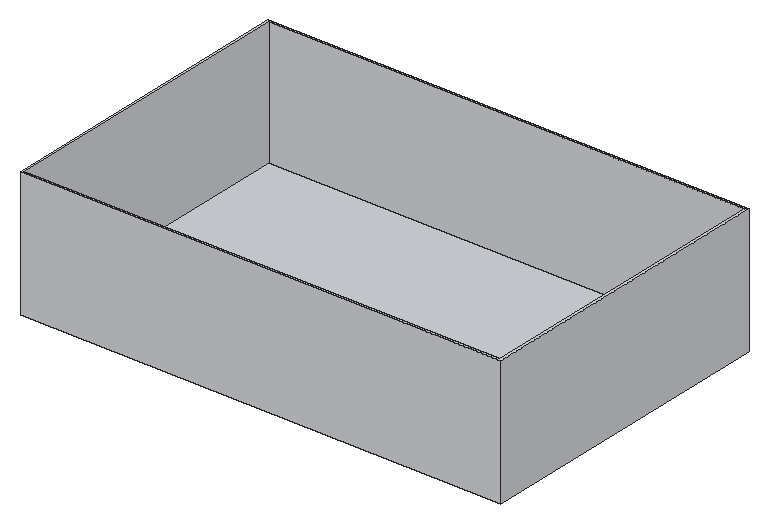
Revit family "Hager-Type B SP&N Distribution Boards-Surface_mounted-IP2XC-Without_Cover-Without_DIN-Hosted-GB-en", category Electrical Equipment, host Face, Revit 2023
Family settings
  Host = Face
  Panel Configuration = Two Columns, Circuits Across
  Round Connector Dimension = Use Diameter
  Part Type = Panelboard
  Cut with Voids When Loaded = No
  Maintain Annotation Orientation = Yes
  Shared = No
  Room Calculation Point = No
Parameters (values of type "Type B SP&N Distribution Boards-Surface_mounted_W465_H300_D124_0_Modular_Spacing-JK201SE")
  Width Control [instance] = if([HG000006-Flush mounted], if([EF000846 - Recess width] > min_whd, [EF000846 - Recess width], min_whd), if([EF000008 - Width] > min_whd, ([EF000008 - Width]), min_whd))  # 465 mm
  Void Depth [instance] = if([HG000006-Flush mounted], Depth Control, 1 mm)  # 1 mm
  Uniformat code = "D501001"
  Uniformat = "Low Tension Service & Dist."
  HG000131 - Functional label [instance] = ""
  HG000130 - Functional name [instance] = ""
  HG000099-Onfly Template ID = "507532"
  Type Comments = ""
  System Height [instance] = Height Control - 2 * [HG000005-Thickness]  # 446 mm
  Reference description = ""
  Reference = "Type B SP&N Distribution Boards-Surface_mounted_W465_H300_D124_0_Modular_Spacing-JK201SE"
  Object type = ""
  Name hager = "ADD_Enclosures_EC000214"
  Name BIM&CO = "Electricity"
  Name = "Type B SP&N Distribution Boards-Surface_mounted-IP2XC-Without_Cover-Without_DIN-GB"
  Model = ""
  HGEF002950-Width in number of modular spacings = 0
  HGEF000266-Number of rows = 0
  HG000060-RAL-number = "7035"
  HG000059-Operating voltage [instance] = 230 V
  HG000017-Distance between poles = 18 mm
  HG000016-Door 3D visibility = yes
  HG000015-Clearance visibility = yes
  HG000014-Door on the right = yes
  HG000013-Door on the left = not([HG000014-Door on the right])  # no
  HG000012-Door swing angle = 90.00°
  HG000011-Empty rows from bottom = no
  HG000010-Asymmetric doors = no
  HG000009-Double swing door = no
  HG000008-Number of empty rows = 0
  HG000007-Number of empty columns = 0
  HG000006-Flush mounted = no
  HG000005-Thickness = 2 mm
  HG000004-Manufacturer reference = "JK201SE"
  HG000003-Range = "Type B SP&N Distribution Boards"
  HG000002-With door or cover = no
  HG000001-Number of columns = 0
  GTIN (Global Trade Item Number) = ""
  ETIM class name = "Small distribution board"
  ETIM class code = "EC000214"
  EF015941 - Signal passing door = no
  EF015777 - Neutral terminal block = yes
  EF015776 - Earthing terminal block = yes
  EF009212 - Cover model = ""
  EF006306 - With lock = no
  EF006244 - Transparent cover/door = no
  EF005474 - Degree of protection (IP rating) = "IP2XC"
  EF004464 - Type of door = ""
  EF004462 - Type of closure = ""
  EF002950 - Width in number of modular spacings = 0
  EF001596 - Housing material = ""
  EF001134 - With DIN-rail = no
  EF001131 - Internal depth = 0 mm
  EF001088 - Extension possible = no
  EF001062 - EMC-version = no
  EF000846 - Recess width = 0 mm
  EF000339 - Type of covering = ""
  EF000332 - Recess height = 0 mm
  EF000266 - Number of rows = 0
  EF000218 - Recess depth = 0 mm
  EF000118 - With mounting plate = no
  EF000116 - RAL number = 7035
  EF000049 - Depth = 124 mm
  EF000040 - Height = 300 mm
  EF000024 - UV resistant = no
  EF000008 - Width = 465 mm
  EF000007 - Colour = ""
  EF000003 - Mounting method = "Surface mounted"
  Creation Date = "12/17/2025 20:13:24"
  Code hager = "ADD-EC000214_EU"
  BIM&CO code = ""
  BC_VARIANT_ID = "1178541"
  BC_OBJECT_VERSION = "#1"  # constant formula
  BC_OBJECT_ID = "513818"  # constant formula
  BC_MODEL_ID = "1554193"  # constant formula
  Arrow Offset [instance] = Depth Control / 8  # 18.75 mm
  Arrow Height [instance] = Depth Control - Arrow Offset  # 131.25 mm
  Host Offset [instance] = if([HG000006-Flush mounted], 0 mm, [EF000049 - Depth])  # 124 mm
  min_whd [instance] = (2 * [HG000005-Thickness]) + 1 mm  # 5 mm
  Manufacturer = "Hager"  # constant formula
  Height Control [instance] = if([HG000006-Flush mounted], if([EF000332 - Recess height] > min_whd, [EF000332 - Recess height], min_whd), if([EF000040 - Height] > min_whd, ([EF000040 - Height]), min_whd))  # 300 mm
  Flush Mounted - Door Frame Width [instance] = if(([EF000040 - Height] - [EF000332 - Recess height]) > 0 mm, if([HG000006-Flush mounted], [EF000040 - Height] - [EF000332 - Recess height], 0 mm), 0 mm)  # 0 mm
  Depth Control [instance] = if([HG000006-Flush mounted], if([EF000218 - Recess depth] > 0 mm, [EF000218 - Recess depth], 1 mm), if([EF000049 - Depth] > 0 mm, ([EF000049 - Depth]), 1 mm))  # 124 mm
  Default Elevation = 0 mm
Types (2, lengths in mm): name | Reference | HG000004-Manufacturer reference | EF015777 - Neutral terminal block | EF000040 - Height | BC_VARIANT_ID | Height Control
  Type B SP&N Distribution Boards-Surface_mounted_W465_H300_D124_0_Modular_Spacing-JK201SE | "Type B SP&N Distribution Boards-Surface_mounted_W465_H300_D124_0_Modular_Spacing-JK201SE" | "JK201SE" | yes | 300 | "1178541" | 300
  Type B SP&N Distribution Boards-Surface_mounted_W465_H450_D124_0_Modular_Spacing-JK202LE | "Type B SP&N Distribution Boards-Surface_mounted_W465_H450_D124_0_Modular_Spacing-JK202LE" | "JK202LE" | no | 450 | "1178542" | 450
Reference planes
  plane 1 "Center (Front/Back)": y = 0
  plane 2: z = 0
  plane 3 "Center (Left/Right)": x = 0
  plane 4: z = 124
  plane 5: y = 2
  plane 6: z = 119
  plane 7: y = 150
  plane 8: y = 0
  plane 9: y = 300
  plane 10: z = 0
  plane 11: x = -232.5
  plane 12: x = 232.5
  plane 13: x = 230.5
  plane 14: x = -230.5
  plane 15: y = 298
  plane 16: z = 2
  plane 17: z = 122
  plane 18: z = -1
  plane 19: z = 122
  plane 20 "Annotation H": y = -100
  plane 21 "Annotation V": x = 532.5
Forms (mm)
  Extrusion 1, solid
    sketch origin (-583.045, 0, 1219.2) x (-1, 0, 0) y (0, 0, 1)
      loop
        line (-350.545, -1095.2) -> (-815.545, -1095.2) -> (-815.545, -1219.2) -> (-350.545, -1219.2) -> (-350.545, -1095.2)
    from 0 to 300 <- "Height Control"
  Extrusion 2, void
    sketch origin (-381.607, -4572, 124) x (0, -1, 0) y (-1, 0, 0)
      loop
        line (-4870, -151.107) -> (-4870, -612.107) -> (-4574, -612.107) -> (-4574, -151.107) -> (-4870, -151.107)
    from 0 to 122
  Extrusion 3, void
    sketch origin (0, 0, 0) x (1, 0, 0) y (0, 1, 0)
      loop
        line (-232.5, 0) -> (232.5, 0) -> (232.5, 300) -> (-232.5, 300) -> (-232.5, 0)
    from -1 to 1
  Extrusion 4, solid, detail levels coarse+medium
    sketch origin (-381.607, -4572, 124) x (-1, 0, 0) y (0, -1, 0)
      loop
        line (-151.107, -4870) -> (-151.107, -4574) -> (-612.107, -4574) -> (-612.107, -4870) -> (-151.107, -4870)
    from 0 to -2
Cuts and joins
  Extrusion 2 cuts Extrusion 1
Dimensions and locks
  plane 4 to plane 6 = 5 mm
  "Host Offset": plane 4 to host face
  "Flush Mounted - Door Frame Width": plane 1 "Center (Front/Back)" to plane 8
  "HG000005-Thickness": plane 5 to plane 8
  locked: connector elem to plane 3 "Center (Left/Right)"
  "Height Control": plane 9 to plane 8
  equal spacing: plane 9, plane 7, plane 8
  locked: connector elem to plane 7
  "Depth Control": plane 4 to plane 10
  "HG000005-Thickness": plane 11 to plane 14
  "HG000005-Thickness": plane 12 to plane 13
  equal spacing: plane 11, plane 3 "Center (Left/Right)", plane 12
  "Width Control": plane 11 to plane 12
  "Arrow Offset": nested 4 to plane 10
  "HG000005-Thickness": plane 9 to plane 15
  "HG000005-Thickness": plane 16 to plane 10
  "HG000005-Thickness": plane 4 to plane 17
  "Void Depth": plane 2 to plane 18
  "HG000005-Thickness": plane 4 to plane 19
  locked: plane 20 "Annotation H" to plane 1 "Center (Front/Back)" at 100
  locked: plane 12 to plane 21 "Annotation V" at 300
  aligned and locked: plane 2 to host face
  aligned and locked: level to host face
  aligned and locked: plane 3 "Center (Left/Right)" to nested 2
  aligned and locked: plane 4 to nested 2
  aligned and locked: nested 2 to plane 8
  aligned and locked: nested 1 to plane 6
  aligned and locked: nested 1 to plane 5
  aligned and locked: nested 4 to plane 11
  aligned and locked: nested 3 to plane 4
  aligned and locked: Extrusion 1 sketch curve to plane 12
  aligned and locked: Extrusion 1 sketch curve to plane 11
  aligned and locked: nested 3 to plane 10
  aligned and locked: plane 10 to Extrusion 1 sketch curve
  aligned and locked: Extrusion 2 sketch curve to plane 5
  aligned and locked: Extrusion 2 sketch curve to plane 15
  aligned and locked: Extrusion 2 sketch curve to plane 14
  aligned and locked: Extrusion 2 sketch curve to plane 13
  aligned and locked: plane 11 to Extrusion 3 sketch curve
  aligned and locked: plane 9 to Extrusion 3 sketch curve
  aligned and locked: Extrusion 3 sketch curve to plane 8
  aligned and locked: plane 12 to Extrusion 3 sketch curve
  aligned and locked: nested 3 to plane 12
  aligned and locked: Extrusion 3 to plane 18
  aligned and locked: Extrusion 2 to plane 16
  aligned and locked: Extrusion 1 sketch curve to plane 4
  aligned and locked: Extrusion 4 to plane 17
  aligned and locked: Extrusion 4 sketch curve to plane 15
  aligned and locked: Extrusion 4 sketch curve to plane 13
  aligned and locked: Extrusion 4 sketch curve to plane 14
  aligned and locked: Extrusion 4 sketch curve to plane 5
  aligned and locked: nested 5 to plane 21 "Annotation V"
  aligned and locked: plane 20 "Annotation H" to nested 5
Automatic sketch dimensions
  host sketch curve to host sketch curve = 1469.727 mm
  host sketch curve to host sketch curve = 1434.803 mm
Nested families
  nested 1: "Hager_Enclosure_System" at (0, 2, 119) x (1, 0, 0) z (0, 1, 0), Depth <- "HG000005-Thickness", Height <- "System Height", Border <- "HG000005-Thickness", Flush_Mounted <- "HG000006-Flush mounted", Row_Module_Multiplicator <- "HGEF002950-Width in number of modular spacings", Total_No_Empty_Rows <- "HG000008-Number of empty rows", Total_No_Rows <- "HGEF000266-Number of rows", Empty_Columns <- "HG000007-Number of empty columns", Width_Control <- "Width Control", Empty_Rows_From_Bottom <- "HG000011-Empty rows from bottom", Distance_Between_Poles <- "HG000017-Distance between poles", Rows_Count <- "HGEF000266-Number of rows", Columns_Count <- "HG000001-Number of columns", Built-in_Width <- "EF000846 - Recess width", Width <- "EF000008 - Width", type "Hager_Enclosure_System", detail levels fine
    with Width_Control 465 mm, Width 465 mm, Total_No_Rows 0, Total_No_Empty_Rows 0, Total_No_Columns 1, System_Width 461 mm, Rows_Count 0, Rows_Column 0, Row_Module_Multiplicator 0, Panel_4 no, Panel_3 no, Panel_2 no, Panel_1 no, No_Panels_Ctrl 1, Hide_Columns yes, Height 446 mm, Flush_Mounted no, Empty_Rows_From_Bottom no, Empty_Rows_Column 0, Empty_Columns 0, Empty column 4 0, Empty column 3 0, Empty column 2 0, Empty column 1 0, Distance_Between_Poles 18 mm, Depth 2 mm, Columns_Count 0, Column_Width 461 mm, Built-in_Width 0 mm, Border 2 mm
  nested 2: "Hager_Enclosure_Door" at (0, 0, 124) x (1, 0, 0) z (0, 1, 0), Border <- "HG000005-Thickness", Door_Right <- "HG000014-Door on the right", Flush_Mounted <- "HG000006-Flush mounted", Door_Left <- "HG000013-Door on the left", 3d_Door <- "HG000016-Door 3D visibility", Angle <- "HG000012-Door swing angle", Assymetrical <- "HG000010-Asymmetric doors", Double <- "HG000009-Double swing door", Clearance <- "HG000015-Clearance visibility", Door <- "HG000002-With door or cover", Height_Ctrl <- "Height Control", Width_Ctrl <- "Width Control", BuiltIn_Depth <- "EF000218 - Recess depth", Depth <- "EF000049 - Depth", BuiltIn_Width <- "EF000846 - Recess width", Height <- "EF000040 - Height", BuiltIn_Height <- "EF000332 - Recess height", Width <- "EF000008 - Width", Transparent <- "EF006244 - Transparent cover/door", type "Hager_Enclosure_Door", detail levels medium+fine
    with min_wh 5 mm, Width_Ctrl 465 mm, Width 465 mm, Transparent_Door_No_Bottom_Border no, Transparent no, Leaf_Width 458 mm, Leaf_Tolerance 1.5 mm, Leaf_Height 293 mm, Leaf_2_Width 458 mm, Leaf_2_Offset 229 mm, Leaf_1_Width 458 mm, Leaf_1_Offset 229 mm, Height_Ctrl 300 mm, Height 300 mm, Frame_Width_Ctrl 465 mm, Frame_Width 465 mm, Frame_Internal_Offset 0 mm, Frame_Height_Ctrl 300 mm, Frame_Height 300 mm, Frame_Depth_Ctrl 1 mm, Frame_Depth 0 mm, Flush_Mounted no, Double_Clearance_Ctrl no, Double no, Door_Right_Ctrl no, Door_Right yes, Door_Left_Ctrl no, Door_Left no, Door no, Depth 124 mm, Clearance_Depth 458 mm, Clearance_Ctrl yes, Clearance yes, BuiltIn_Width 0 mm, BuiltIn_Height 0 mm, BuiltIn_Depth 0 mm, Border 2 mm, Assymetrical no, Angle 90.00°, 3d_Door yes
  nested 3: "Hager_Enclosure_Symbol_Triangle" at (-232.5, 0, 0) x (1, 0, 0) z (0, -1, 0), Depth <- "Depth Control", Width <- "Width Control", type "Hager_Enclosure_Symbol_Triangle"
    with Width_Ctrl 465 mm, Width 465 mm, Depth_Ctrl 124 mm, Depth 124 mm
  nested 4: "Hager_Enclosure_Symbol_Arrow" at (-232.5, 0, 18.75) x (1, 0, 0) z (0, -1, 0), Height <- "Arrow Height", type "Hager_Enclosure_Symbol_Arrow"
    with Width_Inside 9.844 mm, Width 118.125 mm, Height_Ctrl 131.25 mm, Height 131.25 mm
  nested 5: "Hager_Annotation-HG000130" at (532.5, -100, 0) x (-1, 0, 0) z (0, 0, 1), HG000130 - Functional name <- "HG000130 - Functional name", type "Hager_Annotation-HG000130"
    with HG000130 - Functional name ""
Connectors
  electrical at (0, 150, 0)
    settings: on plane 10, index 1, voltage 0 V, apparent load 0 VA, apparent load phase1 0 VA, apparent load phase2 0 VA, apparent load phase3 0 VA, power factor 1, load classification "Other", number of poles 1, system type 30, power factor state 1, is connector primary yes, connector utility no, sub classification motor no, connector description ""
Definition of nested family "Hager_Enclosure_Door"
  Parameters (values of type "Hager_Enclosure_Door")
    min_wh [instance] = (2 * Border) + 1 mm  # 11 mm
    Width_Ctrl [instance] = 400 mm
    Width [instance] = 500 mm
    Transparent_Door_No_Bottom_Border [instance] = no
    Transparent [instance] = yes
    Leaf_Width [instance] = if((Width_Ctrl - 2 * Border - 2 * Leaf_Tolerance) > 0 mm, (Width_Ctrl - 2 * Border - 2 * Leaf_Tolerance), min_wh)  # 387 mm
    Leaf_Tolerance [instance] = 1.5 mm  # constant formula
    Leaf_Height [instance] = if((Height_Ctrl - 2 * Border - 2 * Leaf_Tolerance) > 0 mm, (Height_Ctrl - 2 * Border - 2 * Leaf_Tolerance), min_wh)  # 387 mm
    Leaf_2_Width [instance] = if(and(and(Double, Assymetrical), Door_Left), (Leaf_Width / 3) - (Leaf_Tolerance / 2), if(and(and(Double, Assymetrical), Door_Right), (Leaf_Width / 3) * 2 - (Leaf_Tolerance / 2), if(and(Double, not(Assymetrical)), (Leaf_Width / 2) - Leaf_Tolerance, Leaf_Width)))  # 387 mm
    Leaf_2_Offset [instance] = if(and(Double, Assymetrical), Leaf_2_Width / 2, if(and(Double, not(Assymetrical)), Leaf_Width / 4, Leaf_Width / 2))  # 193.5 mm
    Leaf_1_Width [instance] = if(and(and(Double, Assymetrical), Door_Right), (Leaf_Width / 3) - (Leaf_Tolerance / 2), if(and(and(Double, Assymetrical), Door_Left), (Width / 3) * 2 - (Leaf_Tolerance / 2), if(and(Double, not(Assymetrical)), (Leaf_Width / 2) - Leaf_Tolerance, Leaf_Width)))  # 387 mm
    Leaf_1_Offset [instance] = if(and(Double, Assymetrical), Leaf_1_Width / 2, if(and(Double, not(Assymetrical)), Leaf_Width / 4, Leaf_Width / 2))  # 193.5 mm
    Height_Ctrl [instance] = 400 mm
    Height [instance] = 500 mm
    Frame_Width_Ctrl [instance] = if(Frame_Width > 0 mm, Frame_Width, 1 mm)  # 1 mm
    Frame_Width [instance] = Width - BuiltIn_Width  # 0 mm
    Frame_Internal_Offset [instance] = if(Flush_Mounted, Border, 0 mm)  # 5 mm
    Frame_Height_Ctrl [instance] = if(Frame_Height > 0 mm, Frame_Height, 1 mm)  # 1 mm
    Frame_Height [instance] = Height - BuiltIn_Height  # 0 mm
    Frame_Depth_Ctrl [instance] = if(Frame_Depth > 0 mm, Frame_Depth, 1 mm)  # 1 mm
    Frame_Depth [instance] = if(Depth - BuiltIn_Depth > 0 mm, if(Flush_Mounted, Depth - BuiltIn_Depth, 0 mm), 0 mm)  # 0 mm
    Flush_Mounted [instance] = yes
    Double_Clearance_Ctrl [instance] = and(Double, Clearance)  # no
    Double [instance] = no
    Door_Right_Ctrl [instance] = and(or(Door_Right, Double), Door)  # yes
    Door_Right [instance] = yes
    Door_Left_Ctrl [instance] = and(or(Door_Left, Double), Door)  # no
    Door_Left [instance] = no
    Door [instance] = yes
    Depth [instance] = 500 mm
    Default Elevation = 1219.2 mm
    Clearance_Material = none
    Clearance_Depth [instance] = if(Leaf_1_Width > Leaf_2_Width, Leaf_1_Width, Leaf_2_Width)  # 387 mm
    Clearance_Ctrl [instance] = and(not(Double), Clearance)  # yes
    Clearance [instance] = yes
    BuiltIn_Width [instance] = 500 mm
    BuiltIn_Height [instance] = 500 mm
    BuiltIn_Depth [instance] = 500 mm
    Border [instance] = 5 mm
    Assymetrical [instance] = yes
    Angle [instance] = 30.00°
    3d_Door [instance] = yes
  Reference planes
    plane 1 "Center (Front/Back)": y = 0
    plane 2 "Bottom": z = 0
    plane 3 "Center (Left/Right)": x = 0
    plane 4: z = 400
    plane 5: x = -200
    plane 6: x = 200
    plane 7: z = 395
    plane 8: x = -195
    plane 9: z = 5
    plane 10: x = 195
    plane 11: y = 0
    plane 12: z = 6.5
    plane 13: x = -582
    plane 14: y = -387
    plane 15: x = 582
    plane 16: x = 0
    plane 17: x = 0
    plane 18: x = -193.5
    plane 19: x = 193.5
    plane 20: z = 393.5
  Forms (mm)
    Extrusion 1, solid, visible <- "Flush_Mounted"
      sketch origin (0, 0, 0) x (1, 0, 0) y (0, 0, 1)
        loop
          line (195, 5) -> (195, 395) -> (-195, 395) -> (-195, 5) -> (195, 5)
        loop
          line (-201, 401) -> (-201, -1) -> (201, -1) -> (201, 401) -> (-201, 401)
      from 0 to 1 <- "Frame_Depth_Ctrl"
    Extrusion 2, solid, material <- "Clearance_Material", visible <- "Double_Clearance_Ctrl"
      sketch origin (1200, 0, 0) x (1, 0, 0) y (0, 0, -1)
        loop
          line (-1782, -393.5) -> (-618, -393.5) -> (-618, 0) -> (-1782, 0) -> (-1782, -393.5)
      from 0 to -387
  Dimensions and locks
    equal spacing: plane 5, plane 3 "Center (Left/Right)", plane 6
    "Width_Ctrl": plane 5 to plane 6
    "Border": plane 5 to plane 8
    "Border": plane 6 to plane 10
    "Border": plane 9 to level
    "Border": plane 4 to plane 7
    "Height_Ctrl": plane 4 to level
    "Leaf_Tolerance": plane 12 to plane 9
    "Frame_Depth": plane 11 to plane 1 "Center (Front/Back)"
    "Frame_Width_Ctrl": plane 5 to Extrusion 1 sketch curve
    "Frame_Width_Ctrl": plane 6 to Extrusion 1 sketch curve
    "Frame_Width_Ctrl": Extrusion 1 sketch curve to plane 4
    "Frame_Width_Ctrl": plane 2 "Bottom" to Extrusion 1 sketch curve
    "Leaf_1_Offset": plane 18 to plane 16
    "Leaf_2_Offset": plane 17 to plane 19
    "Leaf_1_Width": plane 13 to plane 8
    "Leaf_2_Width": plane 10 to plane 15
    "Clearance_Depth": plane 14 to plane 1 "Center (Front/Back)"
    "Leaf_Tolerance": plane 8 to plane 18
    "Leaf_Tolerance": plane 19 to plane 10
    "Leaf_Tolerance": plane 7 to plane 20
    "Frame_Internal_Offset": plane 5 to Extrusion 1 sketch curve
    "Frame_Internal_Offset": Extrusion 1 sketch curve to plane 2 "Bottom"
    "Frame_Internal_Offset": plane 6 to Extrusion 1 sketch curve
    "Frame_Internal_Offset": plane 4 to Extrusion 1 sketch curve
    aligned and locked: level to plane 2 "Bottom"
    aligned and locked: nested 1 to plane 16
    aligned and locked: nested 2 to plane 17
    aligned and locked: Extrusion 2 to plane 13
    aligned and locked: plane 15 to Extrusion 2
    aligned and locked: Extrusion 2 to plane 14
    aligned and locked: plane 12 to nested 1
    aligned and locked: nested 2 to plane 12
    aligned and locked: Extrusion 2 to plane 11
    aligned and locked: plane 20 to Extrusion 2
    aligned and locked: nested 2 to plane 11
    aligned and locked: nested 1 to plane 11
  Automatic sketch dimensions
    Extrusion 2 sketch curve to level = 0 mm
    plane 5 to Extrusion 2 sketch curve = 382 mm
    plane 6 to Extrusion 2 sketch curve = 382 mm
    Extrusion 2 sketch curve to plane 4 = 6.5 mm
  Nested families
    nested 1: "Hager_Enclosure_Door_Leaf" at (0, 0, 6.5), Width <- "Leaf_1_Width", visible <- "Door_Left_Ctrl", Leaf_Height <- "Leaf_Height", Angle <- "Angle", Depth <- "Border", 3d_Door <- "3d_Door", Transparent <- "Transparent", Clearance Material <- "Clearance_Material", Clearance <- "Clearance_Ctrl", Transparent_Door_No_Bottom_Border <- "Transparent_Door_No_Bottom_Border", type "Hager_Enclosure_Door_Leaf"
      with Width 387 mm, Transparent_Door_No_Bottom_Border no, Transparent_Door_Border_Bottom_Top 25 mm, Transparent_Door_Border 25 mm, Transparent_Ctrl yes, Transparent yes, Standard no, Leaf_Height 387 mm, Glass_Offset 1 mm, Depth 5 mm, Clearance Material none, Clearance yes, Angle_Ctrl 30.00°, Angle 30.00°, 3d_Door yes
    nested 2: "Hager_Enclosure_Door_Leaf" at (0, 0, 6.5) x (-1, 0, 0) z (0, 0, 1), Width <- "Leaf_2_Width", visible <- "Door_Right_Ctrl", Leaf_Height <- "Leaf_Height", Angle <- "Angle", Depth <- "Border", 3d_Door <- "3d_Door", Transparent <- "Transparent", Clearance Material <- "Clearance_Material", Clearance <- "Clearance_Ctrl", Transparent_Door_No_Bottom_Border <- "Transparent_Door_No_Bottom_Border", type "Hager_Enclosure_Door_Leaf"
      with Width 387 mm, Transparent_Door_No_Bottom_Border no, Transparent_Door_Border_Bottom_Top 25 mm, Transparent_Door_Border 25 mm, Transparent_Ctrl yes, Transparent yes, Standard no, Leaf_Height 387 mm, Glass_Offset 1 mm, Depth 5 mm, Clearance Material none, Clearance yes, Angle_Ctrl 30.00°, Angle 30.00°, 3d_Door yes
  Definition of nested family "Hager_Enclosure_Door_Leaf"
    Parameters (values of type "Hager_Enclosure_Door_Leaf")
      Width [instance] = 2000 mm
      Transparent_Door_No_Bottom_Border [instance] = yes
      Transparent_Door_Border_Bottom_Top [instance] = if(Transparent_Door_No_Bottom_Border, 0.1 mm, Transparent_Door_Border)  # 0.1 mm
      Transparent_Door_Border [instance] = if(Transparent_Door_No_Bottom_Border, (Width * 0.12), 25 mm)  # 240 mm
      Transparent_Ctrl [instance] = and(Transparent, [3d_Door])  # yes
      Transparent [instance] = yes
      Standard [instance] = and(not(Transparent), [3d_Door])  # no
      Leaf_Height [instance] = 2720.336 mm
      Glass_Offset [instance] = if((Depth - 10 mm) / 2 > 0 mm, (Depth - 10 mm) / 2, 1 mm)  # 15 mm
      Glass_Material = none
      Depth [instance] = 40 mm
      Default Elevation = 0 mm
      Clearance Material [instance] = none
      Clearance [instance] = yes
      Angle_Ctrl [instance] = if(Angle > 170.00°, 170.00°, Angle)  # 45.00°
      Angle [instance] = 45.00°
      3d_Door [instance] = yes
    Reference planes
      plane 1 "Center (Front/Back)": y = 0
      plane 2: z = 0
      plane 3 "Center (Left/Right)": x = 0
      plane 4: y = 2000
      plane 5: x = -1000
      plane 6: x = 1000
      plane 7: x = -3000
      plane 8: z = 2720.336
      plane 9: z = 0.1
      plane 10: z = 2720.236
      plane 11: x = 760
      plane 12: x = -760
    Forms (mm)
      Extrusion 1, solid, material <- "Clearance Material", visible <- "Clearance"
        sketch origin (0, 0, 0) x (1, 0, 0) y (0, 0, 1)
          loop
            line (-3000, 2720.336) -> (-3000, 0) -> (1000, 0) -> (1000, 2720.336) -> (-3000, 2720.336)
        from 0 to -2000
      Extrusion 2, solid, visible <- "Standard", detail levels medium+fine
        sketch origin (-1000, 0, 0) x (0.707107, 0.707107, 0) y (-0.707107, 0.707107, 0)
          loop
            line (0, -40) -> (2000, -40) -> (2000, 0) -> (0, 0) -> (0, -40)
        from 0 to 2720.336 <- "Leaf_Height"
      Extrusion 3, solid, visible <- "Transparent_Ctrl", detail levels medium+fine
        sketch origin (-1000, 0, 0) x (0.707107, 0.707107, 0) y (-0.707107, 0.707107, 0)
          loop
            line (0, -40) -> (2000, -40) -> (2000, 0) -> (0, 0) -> (0, -40)
        from 0 to 2720.336 <- "Leaf_Height"
      Extrusion 4, void, detail levels medium+fine
        sketch origin (-1000, 0, 0) x (-0.707107, 0.707107, 0) y (0.707107, 0.707107, 0)
          loop
            line (0, 240) -> (0, 1760) -> (-40, 1760) -> (-40, 240) -> (0, 240)
        from -2720.236 to -0.1
      Extrusion 5, solid, material <- "Glass_Material", visible <- "Transparent_Ctrl", detail levels medium+fine
        sketch origin (-1000, 0, 0) x (0.707107, 0.707107, 0) y (-0.707107, 0.707107, 0)
          loop
            line (240, -15) -> (240, -25) -> (1760, -25) -> (1760, -15) -> (240, -15)
        from 0.1 to 2720.236
    Cuts and joins
      Extrusion 4 cuts Extrusion 3
    Lines and regions (mm)
      symbolic lines
        curve 1: line (1000, 0, 0) -> (-3000, 0, 0)
        curve 2: arc (1000, 0, 0) -> (-1000, 2000, 0) -> (-3000, 0, 0) r 2000
        curve 4: line (-1000, 0, 0) -> (414.214, 1414.214, 0)
      reference lines
        curve 3: line (-1000, 0, 0) -> (414.214, 1414.214, 0)
      symbolic lines, detail levels medium+fine
        curve 5: line (414.214, 1414.214, 0) -> (442.498, 1385.929, 0)
        curve 6: line (442.498, 1385.929, 0) -> (-971.716, -28.284, 0)
        curve 7: line (-971.716, -28.284, 0) -> (-1000, 0, 0)
        curve 8: line (-1000, 0, 2720.336) -> (1000, 0, 2720.336)
        curve 9: line (-1000, 0, 0) -> (-1000, 0, 2720.336)
        curve 10: line (1000, 0, 0) -> (-1000, 0, 0)
        curve 11: line (1000, 0, 2720.336) -> (1000, 0, 0)
      symbolic lines, visible <- "Transparent_Ctrl", detail levels medium+fine
        curve 12: line (-760, 0, 2720.236) -> (760, 0, 2720.236)
        curve 13: line (-760, 0, 0.1) -> (-760, 0, 2720.236)
        curve 14: line (760, 0, 0.1) -> (-760, 0, 0.1)
        curve 15: line (760, 0, 2720.236) -> (760, 0, 0.1)
    Dimensions and locks
      "Width": plane 1 "Center (Front/Back)" to plane 4
      equal spacing: plane 5, plane 3 "Center (Left/Right)", plane 6
      "Width": plane 5 to plane 6
      "Width": plane 7 to plane 5
      "Leaf_Height": plane 8 to level
      "Depth": curve 6 to curve 3
      "Width": curve 5 to curve 3
      "Width": curve 3 to curve 3
      "Transparent_Door_Border": Extrusion 4 sketch curve to curve 7
      "Transparent_Door_Border": Extrusion 4 sketch curve to curve 5
      "Transparent_Door_Border_Bottom_Top": plane 8 to plane 10
      "Transparent_Door_Border_Bottom_Top": plane 9 to level
      "Glass_Offset": Extrusion 5 sketch curve to curve 4
      "Glass_Offset": Extrusion 5 sketch curve to curve 6
      "Transparent_Door_Border": Extrusion 5 sketch curve to curve 5
      "Transparent_Door_Border": Extrusion 5 sketch curve to curve 7
      "Transparent_Door_Border": plane 12 to plane 5
      "Transparent_Door_Border": plane 6 to plane 11
      "Angle_Ctrl": angle plane 1 "Center (Front/Back)" to curve 3
      aligned and locked: level to plane 2
      aligned and locked: Extrusion 1 to curve 1
      aligned and locked: plane 6 to Extrusion 1
      aligned and locked: Extrusion 1 to plane 1 "Center (Front/Back)"
      aligned and locked: plane 4 to Extrusion 1
      aligned and locked: plane 8 to Extrusion 1
      aligned and locked: curve 4 to curve 3
      aligned and locked: Extrusion 2 sketch curve to curve 7
      aligned and locked: Extrusion 2 sketch curve to curve 6
      aligned and locked: Extrusion 2 sketch curve to curve 5
      aligned and locked: Extrusion 2 sketch curve to curve 3
      aligned and locked: curve 7 to Extrusion 3 sketch curve
      aligned and locked: Extrusion 3 sketch curve to curve 4
      aligned and locked: Extrusion 3 sketch curve to curve 6
      aligned and locked: Extrusion 3 sketch curve to curve 5
      aligned and locked: curve 4 to Extrusion 4 sketch curve
      aligned and locked: curve 6 to Extrusion 4 sketch curve
      aligned and locked: Extrusion 4 to plane 9
      aligned and locked: Extrusion 4 to plane 10
      aligned and locked: Extrusion 5 to plane 9
      aligned and locked: Extrusion 5 to plane 10
      aligned and locked: curve 8 to plane 8
      aligned and locked: plane 5 to curve 9
      aligned and locked: plane 2 to curve 10
      aligned and locked: curve 11 to plane 6
      aligned and locked: plane 10 to curve 12
      aligned and locked: plane 12 to curve 13
      aligned and locked: curve 14 to plane 9
      aligned and locked: plane 11 to curve 15
    Automatic sketch dimensions
      plane 1 "Center (Front/Back)" to curve 2 = 0 mm
      curve 2 to plane 5 = 0 mm
      Extrusion 1 sketch curve to level = 0 mm
      Extrusion 1 sketch curve to plane 7 = 0 mm
      Extrusion 1 sketch curve to plane 6 = 0 mm
      Extrusion 1 sketch curve to plane 8 = 0 mm
      plane 1 "Center (Front/Back)" to curve 3 = 0 mm
      curve 3 to plane 5 = 0 mm
      curve 7 to curve 3 = 0 mm
Definition of nested family "Hager_Enclosure_Symbol_Triangle"
  Parameters (values of type "Hager_Enclosure_Symbol_Triangle")
    Width_Ctrl [instance] = if(Width > 1 mm, Width, 1 mm)  # 498 mm
    Width [instance] = 498 mm
    Depth_Ctrl [instance] = if(Depth > 1 mm, Depth, 1 mm)  # 72 mm
    Depth [instance] = 72 mm
  Reference planes
    plane 1 "Centre (avant/arrière)": y = 0
    plane 2: z = 0
    plane 3 "Centre (gauche/droite)": x = 0
  Lines and regions (mm)
    Filled region 1, type "Solid_Black", in view "Niveau de réf."
      outline origin (0, 0, 0) x (1, 0, 0) y (0, 1, 0)
        loop
          line (0, 0) -> (498, 0) -> (498, 72) -> (0, 0)
    reference lines, in view "Niveau de réf."
      curve 1: line (-206.153, 72, 0) -> (1083.258, 72, 0)
      curve 2: line (498, 405.456, 0) -> (498, -517.619, 0)
  Dimensions and locks
    "Depth_Ctrl": plane 1 "Centre (avant/arrière)" to curve 1
    "Width_Ctrl": plane 3 "Centre (gauche/droite)" to curve 2
    aligned and locked: curve 1 to Filled region 1 sketch curve
    aligned and locked: Filled region 1 sketch curve to plane 1 "Centre (avant/arrière)"
    aligned and locked: curve 2 to Filled region 1 sketch curve
    aligned and locked: plane 3 "Centre (gauche/droite)" to Filled region 1 sketch curve
    aligned and locked: plane 1 "Centre (avant/arrière)" to Filled region 1 sketch curve
  Automatic sketch dimensions
    curve 1 to plane 3 "Centre (gauche/droite)" = 206.153 mm
    curve 2 to curve 1 = 585.258 mm
    plane 1 "Centre (avant/arrière)" to curve 2 = 517.619 mm
    curve 2 to plane 1 "Centre (avant/arrière)" = 405.456 mm
Definition of nested family "Hager_Enclosure_Symbol_Arrow"
  Parameters (values of type "Hager_Enclosure_Symbol_Arrow")
    Width_Inside [instance] = if(Width / 12 > 2 mm, Width / 12, 2 mm)  # 4.987 mm
    Width [instance] = if(Height_Ctrl * 0.9 > 2 mm, Height_Ctrl * 0.9, 2 mm)  # 59.85 mm
    Height_Ctrl [instance] = if(Height > 2 mm, Height, 2 mm)  # 66.5 mm
    Height [instance] = 66.5 mm
  Reference planes
    plane 1 "Centre (avant/arrière)": y = 0
    plane 2: z = 0
    plane 3 "Centre (gauche/droite)": x = 0
    plane 4: x = 59.85
    plane 5: y = 28.263
    plane 6: y = 38.238
    plane 7: y = 66.5
    plane 8: x = 29.925
    plane 9: y = 33.25
  Lines and regions (mm)
    Filled region 1, type "Solid_Black", in view "Niveau de réf."
      outline origin (0, 0, 0) x (1, 0, 0) y (0, 1, 0)
        loop
          line (59.85, 66.5) -> (37.929, 52.827) -> (51.846, 41.935) -> (59.85, 66.5)
    detail lines, in view "Niveau de réf."
      curve 1: line (0, 0, 0) -> (29.925, 38.238, 0)
      curve 2: line (29.925, 38.238, 0) -> (29.925, 28.263, 0)
      curve 3: line (29.925, 28.263, 0) -> (59.85, 66.5, 0)
  Dimensions and locks
    "Width": plane 3 "Centre (gauche/droite)" to plane 4
    "Height_Ctrl": plane 7 to plane 1 "Centre (avant/arrière)"
    equal spacing: plane 3 "Centre (gauche/droite)", plane 8, plane 4
    equal spacing: plane 7, plane 9, plane 1 "Centre (avant/arrière)"
    equal spacing: plane 6, plane 9, plane 5
    "Width_Inside": plane 6 to plane 9
    equal spacing: curve 3, Filled region 1 sketch curve, Filled region 1 sketch curve
    angle Filled region 1 sketch curve to curve 3 = 20.00°
    angle curve 3 to Filled region 1 sketch curve = 20.00°
    locked: curve 3 to Filled region 1 sketch curve (angle 90.00°)
  Automatic sketch dimensions
    plane 1 "Centre (avant/arrière)" to curve 1 = 0 mm
    curve 1 to plane 3 "Centre (gauche/droite)" = 0 mm
    curve 2 to plane 6 = 0 mm
    curve 3 to plane 8 = 0 mm
    curve 3 to plane 4 = 0 mm
    curve 2 to plane 5 = 0 mm
    curve 3 to plane 7 = 0 mm
    Filled region 1 sketch curve to plane 4 = 0 mm
    Filled region 1 sketch curve to plane 7 = 0 mm
Definition of nested family "Hager_Annotation-HG000130"
  Parameters (values of type "Hager_Annotation-HG000130")
    HG000130 - Functional name [instance] = ""
  Reference planes
    plane 1: y = 0
    plane 2: x = 0
  Lines and regions (mm)
    detail lines
      curve 1: line (-27.5, 10, 0) -> (27.5, 10, 0)
      curve 2: line (-27.5, -10, 0) -> (-27.5, 10, 0)
      curve 3: line (27.5, -10, 0) -> (-27.5, -10, 0)
      curve 4: line (27.5, 10, 0) -> (27.5, -10, 0)
  Text (mm)
    label "HG000130 - Functional name" at (0.16, 0.026, 0), shows "HG000130 - Functional name"
